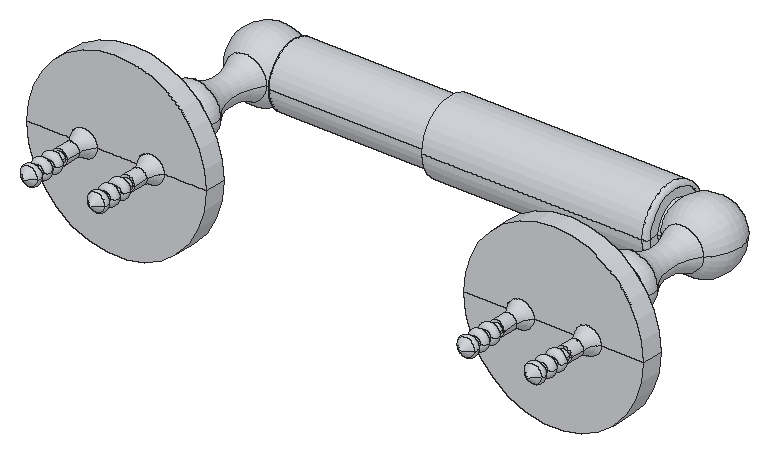
Revit family "S-1407", category Generic Models, host Wall, Revit 2023
Family settings
  Host = Wall
  Can host rebar = No
  Round Connector Dimension = Use Diameter
  Part Type = Normal
  Always vertical = Yes
  Cut with Voids When Loaded = No
  Maintain Annotation Orientation = No
  Shared = No
  Room Calculation Point = No
Parameters
  Default Elevation = 0' - 0"
Reference planes (in)
  plane 1: y = 0
  plane 2 "Center (Left/Right)": x = 0
  plane 3 "Wall Edge": y = 3
  plane 4: x = 3.025
  plane 5: x = 3.49
  plane 6: x = 2.56
  plane 7: x = 4.28
  plane 8: y = 6.1
  plane 9: y = 1.94
Text (in)
  text "Placement Side" at (0, 40.15149, 123.01588), in view "Left"
Dimensions and locks (in)
  locked: plane 3 "Wall Edge" to host wall
  plane 7 to nested 1 = 0' - 8.55"
  nested 1 to nested 1 = 0' - 6.05"
  nested 1 to plane 4 = 0' - 6.05"
  nested 1 to plane 7 = 0' - 8.55"
  plane 6 to plane 5 = 0' - 0.93"
  plane 8 to plane 3 "Wall Edge" to plane 9 = 0' - 3.1", 0' - 1.06"
Nested families (in)
  nested 1: "TPH" at (0, 3, 0) x (0, 0, 1) z (0, 1, 0), type "TPH"
Definition of nested family "TPH"
  Parameters (values of type "TPH")
    Material = none
    Default Elevation = 4' - 0"
  Reference planes (in)
    plane 1 "Center (Front/Back)": y = 0
    plane 2: z = 0
    plane 3 "Center (Left/Right)": x = 0
    plane 4: y = -3.025
    plane 5: y = 3.025
    plane 6: z = 2.60405
  Forms (in)
    Extrusion 1, solid
      sketch origin (0, 0, 0) x (1, 0, 0) y (0, 1, 0)
        loop
          line (-48, 48) -> (-48, -48) -> (48, -48) -> (48, 48) -> (-48, 48)
      from 0 to -12
    Revolve 2, solid, material <- "Material"
      sketch origin (0, 8.975, 0) x (0, -1, 0) y (0, 0, -1)
        loop
          arc (12, -3.08) -> (12.45136, -2.75505) -> (12.2864, -2.22392) r 0.47595
          arc (12.2864, -2.22392) -> (12.18202, -1.77713) -> (12.35254, -1.35117) r 0.76361
          arc (12.35254, -1.35117) -> (12.37353, -1.24038) -> (12.35254, -1.12959) r 0.30288
          arc (12.35254, -1.12959) -> (12.31307, -0.8547) -> (12.40072, -0.59118) r 0.60428
          line (12.40072, -0.59118) -> (12.48131, -0.59118)
          arc (12.48131, -0.59118) -> (12.59187, -0.54858) -> (12.64525, -0.44281) r 0.16476
          line (12.64525, -0.44281) -> (12.83297, -0.44281)
          arc (12.83297, -0.44281) -> (12.95746, -0.39959) -> (13.02839, -0.28852) r 0.2009
          line (13.02839, -0.28852) -> (13.245, -0.28852) -> (13.245, 0) -> (12, 0) -> (12, -3.08)
        axis (12, 0) -> (12, -3.08)
      angle from 0 to 360
    Revolve 3, solid, material <- "Material"
      sketch origin (0, -9.97644, 0) x (0, 1, 0) y (0, 0, 1)
        loop
          line (6.48644, 0) -> (6.48644, -1.0556) -> (6.60821, -0.94205)
          arc (6.60821, -0.94205) -> (6.61265, -0.87718) -> (6.5571, -0.8434) r 0.06257
          line (6.5571, -0.8434) -> (6.5571, -0.78817)
          arc (6.5571, -0.78817) -> (6.61966, -0.7256) -> (6.5571, -0.66303) r 0.06257
          line (6.5571, -0.66303) -> (6.5571, -0.6078)
          arc (6.5571, -0.6078) -> (6.61966, -0.54523) -> (6.5571, -0.48267) r 0.06257
          line (6.5571, -0.48267) -> (6.5571, -0.40579) -> (6.59014, -0.40579) -> (6.59014, -0.20104)
          arc (6.59014, -0.20104) -> (6.61122, -0.09262) -> (6.67137, 0) r 0.28941
          line (6.67137, 0) -> (6.48644, 0)
        axis (6.48644, 0) -> (6.48644, -1.0556)
      angle from 0 to 360
    Revolve 4, solid, material <- "Material"
      sketch origin (0, 3.92644, 0) x (0, -1, 0) y (0, 0, -1)
        loop
          line (6.48644, 0) -> (6.67137, 0)
          arc (6.67137, 0) -> (6.61122, 0.09262) -> (6.59014, 0.20104) r 0.28941
          line (6.59014, 0.20104) -> (6.59014, 0.40579) -> (6.5571, 0.40579) -> (6.5571, 0.48267)
          arc (6.5571, 0.48267) -> (6.61966, 0.54523) -> (6.5571, 0.6078) r 0.06257
          line (6.5571, 0.6078) -> (6.5571, 0.66303)
          arc (6.5571, 0.66303) -> (6.61966, 0.7256) -> (6.5571, 0.78817) r 0.06257
          line (6.5571, 0.78817) -> (6.5571, 0.8434)
          arc (6.5571, 0.8434) -> (6.61265, 0.87718) -> (6.60821, 0.94205) r 0.06257
          line (6.60821, 0.94205) -> (6.48644, 1.0556) -> (6.48644, 0)
        axis (6.48644, 0) -> (6.48644, 1.0556)
      angle from 0 to 360
    Revolve 5, solid, material <- "Material"
      sketch origin (0, -8.975, 0) x (0, 1, 0) y (0, 0, 1)
        loop
          line (12, 3.08) -> (12, 0) -> (13.245, 0) -> (13.245, 0.28852) -> (13.02839, 0.28852)
          arc (13.02839, 0.28852) -> (12.95746, 0.39959) -> (12.83297, 0.44281) r 0.2009
          line (12.83297, 0.44281) -> (12.64525, 0.44281)
          arc (12.64525, 0.44281) -> (12.59187, 0.54858) -> (12.48131, 0.59118) r 0.16476
          line (12.48131, 0.59118) -> (12.40072, 0.59118)
          arc (12.40072, 0.59118) -> (12.31307, 0.8547) -> (12.35254, 1.12959) r 0.60428
          arc (12.35254, 1.12959) -> (12.37353, 1.24038) -> (12.35254, 1.35117) r 0.30288
          arc (12.35254, 1.35117) -> (12.18202, 1.77713) -> (12.2864, 2.22392) r 0.76361
          arc (12.2864, 2.22392) -> (12.45136, 2.75505) -> (12, 3.08) r 0.47595
        axis (12, 0) -> (12, 3.08)
      angle from 0 to 360
    Revolve 6, solid, material <- "Material"
      sketch origin (0, 9.97644, 0) x (0, -1, 0) y (0, 0, -1)
        loop
          line (6.48644, 0) -> (6.67137, 0)
          arc (6.67137, 0) -> (6.61122, 0.09262) -> (6.59014, 0.20104) r 0.28941
          line (6.59014, 0.20104) -> (6.59014, 0.40579) -> (6.5571, 0.40579) -> (6.5571, 0.48267)
          arc (6.5571, 0.48267) -> (6.61966, 0.54523) -> (6.5571, 0.6078) r 0.06257
          line (6.5571, 0.6078) -> (6.5571, 0.66303)
          arc (6.5571, 0.66303) -> (6.61966, 0.7256) -> (6.5571, 0.78817) r 0.06257
          line (6.5571, 0.78817) -> (6.5571, 0.8434)
          arc (6.5571, 0.8434) -> (6.61265, 0.87718) -> (6.60821, 0.94205) r 0.06257
          line (6.60821, 0.94205) -> (6.48644, 1.0556) -> (6.48644, 0)
        axis (6.48644, 0) -> (6.48644, 1.0556)
      angle from 0 to 360
    Revolve 7, solid, material <- "Material"
      sketch origin (0, -3.92644, 0) x (0, 1, 0) y (0, 0, 1)
        loop
          line (6.48644, 0) -> (6.48644, -1.0556) -> (6.60821, -0.94205)
          arc (6.60821, -0.94205) -> (6.61265, -0.87718) -> (6.5571, -0.8434) r 0.06257
          line (6.5571, -0.8434) -> (6.5571, -0.78817)
          arc (6.5571, -0.78817) -> (6.61966, -0.7256) -> (6.5571, -0.66303) r 0.06257
          line (6.5571, -0.66303) -> (6.5571, -0.6078)
          arc (6.5571, -0.6078) -> (6.61966, -0.54523) -> (6.5571, -0.48267) r 0.06257
          line (6.5571, -0.48267) -> (6.5571, -0.40579) -> (6.59014, -0.40579) -> (6.59014, -0.20104)
          arc (6.59014, -0.20104) -> (6.61122, -0.09262) -> (6.67137, 0) r 0.28941
          line (6.67137, 0) -> (6.48644, 0)
        axis (6.48644, 0) -> (6.48644, -1.0556)
      angle from 0 to 360
    Revolve 8, solid, material <- "Material"
      sketch origin (0, 0, 0) x (0, 1, 0) y (0, 0, 1)
        loop
          line (-2.77357, 2.60405) -> (2.72667, 2.60405) -> (2.72667, 2.91307) -> (2.62796, 2.92344) -> (2.62796, 3.04107)
          arc (2.62796, 3.04107) -> (2.60951, 3.08561) -> (2.56498, 3.10405) r 0.06298
          line (2.56498, 3.10405) -> (-0.48908, 3.10405) -> (-0.48908, 3.04155) -> (-2.64949, 3.04155)
          arc (-2.64949, 3.04155) -> (-2.66459, 3.0353) -> (-2.67085, 3.02019) r 0.02136
          line (-2.67085, 3.02019) -> (-2.67085, 2.96408) -> (-2.77357, 2.88667) -> (-2.77357, 2.60405)
        axis (-2.77357, 2.60405) -> (2.72667, 2.60405)
      angle from 0 to 360
  Cuts and joins
    joined: Revolve 2, Revolve 5, Revolve 8
  Dimensions and locks (in)
    aligned and locked: Extrusion 1 to plane 2
    aligned and locked: level to Extrusion 1
